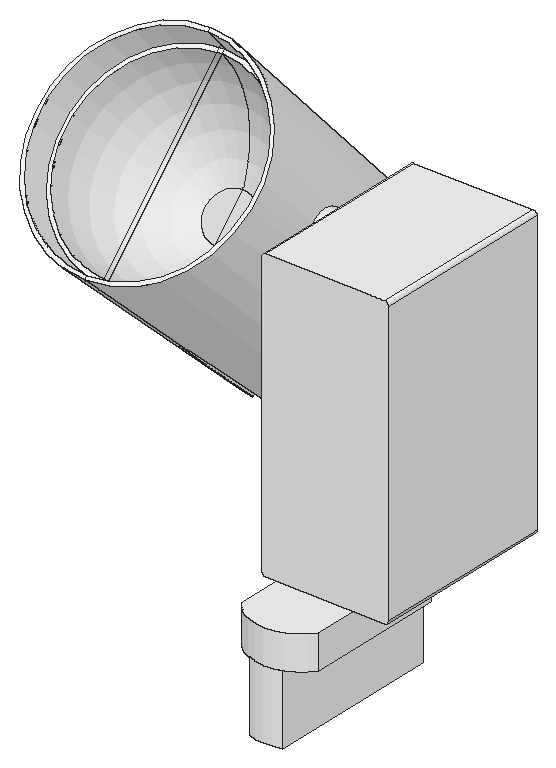
Revit family "0004826 Feilo Sylvania Lighting Fixture START TRACK SPOT S 24W 4K RA80 NB WHITE", category Lighting Fixtures, host Face, Revit 2017
Family settings
  Host = Face
  Round Connector Dimension = Use Diameter
  Part Type = Normal
  OmniClass Number = 23.80.70.00
  OmniClass Title = Lighting
  Cut with Voids When Loaded = No
  Light Source = No
  Shared = No
  Room Calculation Point = No
Parameters (values of type "0004826 START TRACK SPOT S 24W 4K RA80 NB WHITE")
  Weight = "0.966 kg"
  Wattage Comments = ""
  WarrantyStartDate [instance] = "n/a"
  WarrantyGuarantorParts = "n/a"
  WarrantyDurationUnit = "n/a"
  WarrantyDurationParts = "n/a"
  WarrantyDescription = "n/a"
  Voltage = 230 V
  URL = "http://www.sylvania-lighting.com"
  TypeName = "START TRACK SPOT S 24W 4K RA80 NB WHITE"
  TypeHead_FEILO = Start Track Spot Head : 0004826 START TRACK SPOT S 24W 4K RA80 NB WHITE
  TypeBox_FEILO = Start Track Spot Box : Type Small White
  Type Image = <None>
  Type Comments = "n/a"
  VerticalRotation_FEILO [instance] = 0.00°
  SlideEndAngle_FEILO [instance] = VerticalRotation_FEILO + 180.00°  # 180.00°
  SerialNumber [instance] = "n/a"
  Material_3_FEILO = none
  PowerFactor = 0.95
  PowerConsumption = "24 W"
  NominalLength = 0 mm
  NominalHeight = 200 mm
  NominalDepth = 140 mm
  Name = "START TRACK SPOT S 24W 4K RA80 NB WHITE"
  ModelReference = Name  # "START TRACK SPOT S 24W 4K RA80 NB WHITE"
  ModelNumber = "0004826"
  Model = Name  # "START TRACK SPOT S 24W 4K RA80 NB WHITE"
  Material = "adc12 aluminium housing, polycarbonate diffuser"
  ManufacturerName = "Feilo Sylvania"
  Manufacturer = "Feilo Sylvania"
  LuminousEfficacy = "105 lm/W"
  LuminaireType = ""
  LightOutputRatio = "100"
  LampsType = Lamp  # "LED"
  LampNominalLuminous = "2529 lm"
  LampMacAdamStep = "3"
  LampColourTemperature = "4000 K"
  LampColourRenderingIndex = "80"
  Lamp = "LED"
  Keynote = "16500"
  InstallationDate [instance] = "n/a"
  InputVoltage = "230-240V~"
  InputNominalFrequency = "50/60 Hz"
  IngressProtection = "IP20"
  ImpactProtectionIndex = "IK02"
  IfcExportType = "IfcLightFixtureType"
  IfcExportAs = "IfcLightFixtureType"
  HorizontalRotation_FEILO [instance] = 45.00°
  ExpectedLife = 50000
  ElectricShockClassification = "Class II"
  DurationUnit = "hours"
  DocumentationLiterature = "http://www.sylvania-lighting.com/product/en-int/products/0004826"
  DimmingControlOptions = "Non dimmable"
  Material_2_FEILO = none
  Description = "Integrated LED spotlight, Textured White - RAL9016, compact and minimalist design, ideal for retail applications, die-cast aluminium body, passive cooling heatsink. Beam angle: 12°, color temperature: 4000K , total system power: 24W, total fixture output: 2529 lm, LOR: 100%, colour rendering: Ra: 80 typical, LED Chromaticity: 3 step MacAdam ellipse, lifetime: >50000 hours at L70B50, energy class: A++, A+, A, IR/UV free light source without heat radiation, operating voltage: 220-240V / 50-60Hz, drive current: 600mA, electronic driver, non-dimmable, power factor: 0.95, electrical protection: Class II, Global Track 3 Phase adapter suitable for Global trac 3-circuit tracks, ingress protection rating: IP20, suitable for internal environment only, horizontal rotation: 355°, vertical tilt: 90°, dimensions: Ø86x140x200, weight: 0.966kg."
  Default Elevation = 1219.2 mm
  CreatedOn = "12/12/2017"
  CreatedBy = ""
  Cost = 0
  built-in parameter 1114216 [instance] = (empty or 0)
  ClassificationValue = "EF_70_80"
  ClassificationName = "Uniclass2015"
  Material_1_FEILO = Body-Sylvania-StartTrackSpot-White
  BarCode [instance] = "n/a"
  AssetType = "Fixed"
  AssetIdentifier [instance] = "n/a"
  Assembly Code = "D5020200"
  Apparent Load = 24 VA
  Material_4_FEILO = none
Reference planes
  plane 1 "Center (Front/Back)": y = 0
  plane 2: z = 0
  plane 3 "Center (Left/Right)": x = 0
  plane 4: x = 15
  plane 5: x = -15
  plane 6: y = 35
  plane 7: y = -35
  plane 8: z = 13
  plane 9: z = -27
  plane 10: x = 6.5
  plane 11: x = -6.5
  plane 12: y = 27
  plane 13: y = -27
  plane 14: y = 20
Forms (mm)
  Extrusion 1, solid, material "Body-Sylvania-StartTrackSpot-White" <- "Material_1_FEILO"
    sketch origin (0, 0, 0) x (1, 0, 0) y (0, 1, 0)
      loop
        line (-15, 27) -> (-15, -27)
        arc (-15, -27) -> (0, -35) -> (15, -27) r 18.062
        line (15, -27) -> (15, 27)
        arc (15, 27) -> (0, 35) -> (-15, 27) r 18.062
    from 0 to 13
  Extrusion 2, solid, material "Body-Sylvania-StartTrackSpot-White" <- "Material_1_FEILO"
    sketch origin (0, 0, 0) x (1, 0, 0) y (0, 1, 0)
      loop
        arc (6.5, 33.79) -> (0, 35) -> (-6.5, 33.79) r 18.062
        line (-6.5, 33.79) -> (-6.5, -33.79)
        arc (-6.5, -33.79) -> (0, -35) -> (6.5, -33.79) r 18.062
        line (6.5, -33.79) -> (6.5, 33.79)
    from 0 to -27
  Revolve 3, solid, not visible
    sketch origin (1524, 20, 1219.2) x (1, 0, 0) y (0, 0, 1)
      loop
        line (-1524, -1206.2) -> (-1524, -1191.285) -> (-1530.5, -1191.285) -> (-1530.5, -1206.2) -> (-1524, -1206.2)
      axis (-1524, -1191.285) -> (-1524, -1206.2)
    angle from 0 <- "VerticalRotation_FEILO" to 180 <- "SlideEndAngle_FEILO"
Cuts and joins
  joined: Extrusion 1, Extrusion 2
Dimensions and locks
  equal spacing: plane 10, plane 3 "Center (Left/Right)", plane 11
  equal spacing: plane 4, plane 3 "Center (Left/Right)", plane 5
  locked: plane 8 to plane 2 at 13
  locked: plane 8 to plane 9 at 40
  equal spacing: plane 13, plane 1 "Center (Front/Back)", plane 12
  locked: plane 12 to plane 6 at 8
  locked: plane 14 to plane 6 at 15
  locked: Revolve 3 sketch curve to plane 8 at 14.915
  aligned and locked: plane 2 to host face
  aligned and locked: level to host face
  aligned and locked: plane 5 to Extrusion 1 sketch curve  (x2)
  aligned and locked: plane 12 to Extrusion 1 sketch curve
  aligned and locked: plane 13 to Extrusion 1 sketch curve
  aligned and locked: plane 4 to Extrusion 1 sketch curve
  aligned and locked: Extrusion 1 to plane 8
  aligned and locked: Extrusion 1 to level
  aligned and locked: Extrusion 2 sketch curve to Extrusion 1  (x2)
  aligned and locked: Extrusion 2 sketch curve to plane 11
  aligned and locked: plane 10 to Extrusion 2 sketch curve
  aligned and locked: plane 9 to Extrusion 2
  aligned and locked: level to Extrusion 2
  aligned and locked: Revolve 3 sketch curve to plane 3 "Center (Left/Right)"  (x2)
  aligned and locked: plane 11 to Revolve 3 sketch curve
  aligned and locked: Revolve 3 sketch curve to plane 8
Automatic sketch dimensions
  host sketch curve to host sketch curve = 2438.4 mm  (x2)
  Extrusion 1 sketch curve to plane 3 "Center (Left/Right)" = 0 mm  (x2)
  Extrusion 1 sketch curve to plane 13 = 10.062 mm
  plane 12 to Extrusion 1 sketch curve = 10.062 mm
  Revolve 3 sketch curve to plane 3 "Center (Left/Right)" = 0 mm
  plane 9 to Revolve 3 sketch curve = 582.6 mm
  Revolve 3 sketch curve to Revolve 3 sketch curve = 2581.144 mm
Nested families
  nested 1: "Start Track Spot Head" at (-62, 20, 112.529) x (0, 0.7071, 0.7071) z (0, 0.7071, -0.7071), type <- "TypeHead_FEILO", type "0004826 START TRACK SPOT S 24W 4K RA80 NB WHITE"
    with built-in parameter 1114216 (empty or 0)
  nested 2: "Start Track Spot Box" at (8.5, 20, 73) x (-1, 0, 0) z (0, -1, 0), BoxStartAngle_FEILO <- "HorizontalRotation_FEILO", type <- "TypeBox_FEILO", type "Type Small White"
    with BoxStartAngle_FEILO 45.00°, BoxEndAngle_FEILO -135.00°
Connectors
  electrical at (0, 0, 0), driven by "Apparent Load", driven by "PowerFactor", driven by "Voltage"
    settings: index 1, voltage 230 V, apparent load 24 VA, apparent load phase1 0 VA, apparent load phase2 0 VA, apparent load phase3 0 VA, power factor 0.95, load classification "Lighting", number of poles 1, system type 30, power factor state 1, is connector primary yes, connector utility no, sub classification motor no, connector description ""
Definition of nested family "Start Track Spot Head"
  Parameters (values of type "0004811 START TRACK SPOT S 14W 3K RA80 NB WHITE")
    Wattage Comments = "n/a"
    Wattage = 14 W
    built-in parameter 1150110 = 1 (stored number, unit not read)
    URL = "http://www.feilosylvania.com"
    Type Image = (empty or 0)
    Type Comments = "n/a"
    built-in parameter 1114217 = 1 (stored number, unit not read)
    Tilt Angle = -90.00°
    built-in parameter 1150109 = 1 (stored number, unit not read)
    built-in parameter 1150134 = (empty or 0)
    built-in parameter 1150113 = 1 (stored number, unit not read)
    Photometric Web File = "0004811.ies"
    Material_3_FEILO = none
    Model = "START TRACK SPOT S 14W 3K RA80 NB WHITE"
    Manufacturer = "Feilo Sylvania"
    built-in parameter 1150105 = 123.66 (stored number, unit not read)
    Lumens = 1554 lm
    built-in parameter 1150115 = 1 (stored number, unit not read)
    built-in parameter 1150137 = (empty or 0)
    built-in parameter 1150139 = (empty or 0)
    built-in parameter 1150112 = 1 (stored number, unit not read)
    built-in parameter 1150114 = 1 (stored number, unit not read)
    Lamp = "LED"
    Keynote = "16500"
    Material_2_FEILO = none
    built-in parameter 1150132 = (empty or 0)
    built-in parameter 1150102 = (empty or 0)
    built-in parameter 1150107 = 3000 (stored number, unit not read)
    built-in parameter 1150138 = (empty or 0)
    built-in parameter 1150106 = 1.2366 (stored number, unit not read)
    HeadThickness_FEILO = if(HeadDiaOut_FEILO > 112 mm, 2 mm, 1.5 mm)  # 1.5 mm
    HeadRibOffset_FEILO = HeadHeight_FEILO / 28  # 4.179 mm
    HeadRibDepth_FEILO = HeadHeight_FEILO / 2.1  # 55.714 mm
    HeadRibCutWidth_FEILO = HeadDiaOut_FEILO / 12  # 7.167 mm
    HeadRibCutOffset_FEILO = HeadHeight_FEILO / 2.3  # 50.87 mm
    HeadReflectorRadius_FEILO = HeadDiaOut_FEILO / 1.7  # 50.588 mm
    HeadReflectorOffset_FEILO = HeadHeight_FEILO / 2.1  # 55.714 mm
    HeadLEDRadius_FEILO = HeadDiaOut_FEILO / 9  # 9.556 mm
    HeadHeight_FEILO = 117 mm
    HeadDraft_FEILO = 1 mm
    HeadDiffusorThickness_FEILO = 3 mm
    HeadDiffusorOffset_FEILO = HeadHeight_FEILO / 12.4  # 9.435 mm
    HeadDiaOut_FEILO = 86 mm
    HeadDiaIn_FEILO = HeadDiaOut_FEILO / 1.11  # 77.477 mm
    HeadAxisFromTop_FEILO = HeadHeight_FEILO / 1.687  # 69.354 mm
    Emit from Circle Diameter = HeadDiaIn_FEILO  # 77.477 mm
    Emit Shape Visible in Rendering = no
    built-in parameter 1150104 = 10.312 (stored number, unit not read)
    Dimming Lamp Color Temperature Shift = (empty or 0)
    Description = "Integrated LED spotlight, Textured White - RAL9016, compact and minimalist design, ideal for retail applications, die-cast aluminium body, passive cooling heatsink. Beam angle: 12°, color temperature: 3000K , total system power: 14W, total fixture output: 1551 lm, LOR: 100%, colour rendering: Ra: 80 typical, LED Chromaticity: 3 step MacAdam ellipse, lifetime: >50000 hours at L70B50, energy class: A++, A+, A, IR/UV free light source without heat radiation, operating voltage: 220-240V / 50-60Hz, drive current: 350mA, electronic driver, non-dimmable, power factor: 0.92, electrical protection: Class II, Global Track 3 Phase adapter suitable for Global trac 3-circuit tracks, ingress protection rating: IP20, suitable for internal environment only, horizontal rotation: 355°, vertical tilt: 90°, dimensions: Ø86x140x200, weight: 0.940kg."
    Default Elevation = 1219.2 mm
    Cost = 0
    Color Filter = 16777215
    built-in parameter 1114216 [instance] = (empty or 0)
    Material_1_FEILO = none
    built-in parameter 1114218 = 1 (stored number, unit not read)
    built-in parameter 1150133 = 10 (stored number, unit not read)
    Assembly Code = "D5020200"
    Apparent Load = 14 VA
    Material_4_FEILO = none
  Types (96, lengths in mm): name | Wattage | built-in parameter 1150134 | Photometric Web File | Model | built-in parameter 1150105 | Lumens | built-in parameter 1150107 | built-in parameter 1150106 | HeadThickness_FEILO | HeadRibOffset_FEILO | HeadRibDepth_FEILO | HeadRibCutWidth_FEILO | HeadRibCutOffset_FEILO | HeadReflectorRadius_FEILO | HeadReflectorOffset_FEILO | HeadLEDRadius_FEILO | HeadHeight_FEILO | HeadDiffusorOffset_FEILO | HeadDiaOut_FEILO | HeadDiaIn_FEILO | HeadAxisFromTop_FEILO | Emit from Circle Diameter | built-in parameter 1150104 | Description | Apparent Load
    0004906 START TRACK SPOT L 55W 4K RA90 WB BLACK | 55 W | 12 | "0004906.ies" | "START TRACK SPOT L 55W 4K RA90 WB BLACK" | 385.15 (stored number, unit not read) | 4840 lm | 4000 (stored number, unit not read) | 3.8515 (stored number, unit not read) | 2 | 4.429 | 59.048 | 9.417 | 53.913 | 66.471 | 59.048 | 12.556 | 124 | 10 | 113 | 101.802 | 73.503 | 101.802 | 8.1755 (stored number, unit not read) | "Integrated LED spotlight, Textured Black - RAL9005, compact and minimalist design, ideal for retail applications, die-cast aluminium body, passive cooling heatsink. Beam angle: 52°, color temperature: 4000K , total system power: 55W, total fixture output: 4824 lm, LOR: 100%, colour rendering: Ra: 90 typical, LED Chromaticity: 3 step MacAdam ellipse, lifetime: >50000 hours at L70B50, energy class: A++, A+, A, IR/UV free light source without heat radiation, operating voltage: 220-240V / 50-60Hz, drive current: 1400mA, electronic driver, non-dimmable, power factor: 0.96, electrical protection: Class II, Global Track 3 Phase adapter suitable for Global trac 3-circuit tracks, ingress protection rating: IP20, suitable for internal environment only, horizontal rotation: 355°, vertical tilt: 90°, dimensions: Ø113x164x240, weight: 1.398kg." | 55 VA
    0004905 START TRACK SPOT L 55W 4K RA90 MB BLACK | 55 W | 12 | "0004905.ies" | "START TRACK SPOT L 55W 4K RA90 MB BLACK" | 389.53 (stored number, unit not read) | 4895 lm | 4000 (stored number, unit not read) | 3.8953 (stored number, unit not read) | 2 | 4.429 | 59.048 | 9.417 | 53.913 | 66.471 | 59.048 | 12.556 | 124 | 10 | 113 | 101.802 | 73.503 | 101.802 | 8.2684 (stored number, unit not read) | "Integrated LED spotlight, Textured Black - RAL9005, compact and minimalist design, ideal for retail applications, die-cast aluminium body, passive cooling heatsink. Beam angle: 38°, color temperature: 4000K , total system power: 55W, total fixture output: 4897 lm, LOR: 100%, colour rendering: Ra: 90 typical, LED Chromaticity: 3 step MacAdam ellipse, lifetime: >50000 hours at L70B50, energy class: A++, A+, A, IR/UV free light source without heat radiation, operating voltage: 220-240V / 50-60Hz, drive current: 1400mA, electronic driver, non-dimmable, power factor: 0.96, electrical protection: Class II, Global Track 3 Phase adapter suitable for Global trac 3-circuit tracks, ingress protection rating: IP20, suitable for internal environment only, horizontal rotation: 355°, vertical tilt: 90°, dimensions: Ø113x164x240, weight: 1.398kg." | 55 VA
    0004904 START TRACK SPOT L 55W 4K RA90 NB BLACK | 55 W | 12 | "0004904.ies" | "START TRACK SPOT L 55W 4K RA90 NB BLACK" | 393.91 (stored number, unit not read) | 4950 lm | 4000 (stored number, unit not read) | 3.9391 (stored number, unit not read) | 2 | 4.429 | 59.048 | 9.417 | 53.913 | 66.471 | 59.048 | 12.556 | 124 | 10 | 113 | 101.802 | 73.503 | 101.802 | 8.3613 (stored number, unit not read) | "Integrated LED spotlight, Textured Black - RAL9005, compact and minimalist design, ideal for retail applications, die-cast aluminium body, passive cooling heatsink. Beam angle: 15°, color temperature: 4000K , total system power: 55W, total fixture output: 4965 lm, LOR: 100%, colour rendering: Ra: 90 typical, LED Chromaticity: 3 step MacAdam ellipse, lifetime: >50000 hours at L70B50, energy class: A++, A+, A, IR/UV free light source without heat radiation, operating voltage: 220-240V / 50-60Hz, drive current: 1400mA, electronic driver, non-dimmable, power factor: 0.96, electrical protection: Class II, Global Track 3 Phase adapter suitable for Global trac 3-circuit tracks, ingress protection rating: IP20, suitable for internal environment only, horizontal rotation: 355°, vertical tilt: 90°, dimensions: Ø113x164x240, weight: 1.398kg." | 55 VA
    0004903 START TRACK SPOT L 35W 4K RA90 WB BLACK | 35 W | 12 | "0004903.ies" | "START TRACK SPOT L 35W 4K RA90 WB BLACK" | 284.09 (stored number, unit not read) | 3570 lm | 4000 (stored number, unit not read) | 2.8409 (stored number, unit not read) | 2 | 4.429 | 59.048 | 9.417 | 53.913 | 66.471 | 59.048 | 12.556 | 124 | 10 | 113 | 101.802 | 73.503 | 101.802 | 9.4761 (stored number, unit not read) | "Integrated LED spotlight, Textured Black - RAL9005, compact and minimalist design, ideal for retail applications, die-cast aluminium body, passive cooling heatsink. Beam angle: 52°, color temperature: 4000K , total system power: 35W, total fixture output: 3562 lm, LOR: 100%, colour rendering: Ra: 90 typical, LED Chromaticity: 3 step MacAdam ellipse, lifetime: >50000 hours at L70B50, energy class: A++, A+, A, IR/UV free light source without heat radiation, operating voltage: 220-240V / 50-60Hz, drive current: 900mA, electronic driver, non-dimmable, power factor: 0.93, electrical protection: Class II, Global Track 3 Phase adapter suitable for Global trac 3-circuit tracks, ingress protection rating: IP20, suitable for internal environment only, horizontal rotation: 355°, vertical tilt: 90°, dimensions: Ø113x164x240, weight: 1.368kg." | 35 VA
    0004902 START TRACK SPOT L 35W 4K RA90 MB BLACK | 35 W | 12 | "0004902.ies" | "START TRACK SPOT L 35W 4K RA90 MB BLACK" | 286.88 (stored number, unit not read) | 3605 lm | 4000 (stored number, unit not read) | 2.8688 (stored number, unit not read) | 2 | 4.429 | 59.048 | 9.417 | 53.913 | 66.471 | 59.048 | 12.556 | 124 | 10 | 113 | 101.802 | 73.503 | 101.802 | 9.569 (stored number, unit not read) | "Integrated LED spotlight, Textured Black - RAL9005, compact and minimalist design, ideal for retail applications, die-cast aluminium body, passive cooling heatsink. Beam angle: 38°, color temperature: 4000K , total system power: 35W, total fixture output: 3616 lm, LOR: 100%, colour rendering: Ra: 90 typical, LED Chromaticity: 3 step MacAdam ellipse, lifetime: >50000 hours at L70B50, energy class: A++, A+, A, IR/UV free light source without heat radiation, operating voltage: 220-240V / 50-60Hz, drive current: 900mA, electronic driver, non-dimmable, power factor: 0.93, electrical protection: Class II, Global Track 3 Phase adapter suitable for Global trac 3-circuit tracks, ingress protection rating: IP20, suitable for internal environment only, horizontal rotation: 355°, vertical tilt: 90°, dimensions: Ø113x164x240, weight: 1.368kg." | 35 VA
    0004901 START TRACK SPOT L 35W 4K RA90 NB BLACK | 35 W | 12 | "0004901.ies" | "START TRACK SPOT L 35W 4K RA90 NB BLACK" | 286.88 (stored number, unit not read) | 3605 lm | 4000 (stored number, unit not read) | 2.8688 (stored number, unit not read) | 2 | 4.429 | 59.048 | 9.417 | 53.913 | 66.471 | 59.048 | 12.556 | 124 | 10 | 113 | 101.802 | 73.503 | 101.802 | 9.569 (stored number, unit not read) | "Integrated LED spotlight, Textured Black - RAL9005, compact and minimalist design, ideal for retail applications, die-cast aluminium body, passive cooling heatsink. Beam angle: 15°, color temperature: 4000K , total system power: 35W, total fixture output: 3593 lm, LOR: 100%, colour rendering: Ra: 90 typical, LED Chromaticity: 3 step MacAdam ellipse, lifetime: >50000 hours at L70B50, energy class: A++, A+, A, IR/UV free light source without heat radiation, operating voltage: 220-240V / 50-60Hz, drive current: 900mA, electronic driver, non-dimmable, power factor: 0.93, electrical protection: Class II, Global Track 3 Phase adapter suitable for Global trac 3-circuit tracks, ingress protection rating: IP20, suitable for internal environment only, horizontal rotation: 355°, vertical tilt: 90°, dimensions: Ø113x164x240, weight: 1.368kg." | 35 VA
    0004900 START TRACK SPOT S 24W 4K RA90 WB BLACK | 24 W | 12 | "0004900.ies" | "START TRACK SPOT S 24W 4K RA90 WB BLACK" | 166.16 (stored number, unit not read) | 2088 lm | 4000 (stored number, unit not read) | 1.6616 (stored number, unit not read) | 1.5 | 4.179 | 55.714 | 7.167 | 50.87 | 50.588 | 55.714 | 9.556 | 117 | 9.435 | 86 | 77.477 | 69.354 | 77.477 | 8.0826 (stored number, unit not read) | "Integrated LED spotlight, Textured Black - RAL9005, compact and minimalist design, ideal for retail applications, die-cast aluminium body, passive cooling heatsink. Beam angle: 64°, color temperature: 4000K , total system power: 24W, total fixture output: 2087 lm, LOR: 100%, colour rendering: Ra: 90 typical, LED Chromaticity: 3 step MacAdam ellipse, lifetime: >50000 hours at L70B50, energy class: A++, A+, A, IR/UV free light source without heat radiation, operating voltage: 220-240V / 50-60Hz, drive current: 600mA, electronic driver, non-dimmable, power factor: 0.95, electrical protection: Class II, Global Track 3 Phase adapter suitable for Global trac 3-circuit tracks, ingress protection rating: IP20, suitable for internal environment only, horizontal rotation: 355°, vertical tilt: 90°, dimensions: Ø86x140x200, weight: 0.966kg." | 24 VA
    0004899 START TRACK SPOT S 24W 4K RA90 MB BLACK | 24 W | 12 | "0004899.ies" | "START TRACK SPOT S 24W 4K RA90 MB BLACK" | 169.98 (stored number, unit not read) | 2136 lm | 4000 (stored number, unit not read) | 1.6998 (stored number, unit not read) | 1.5 | 4.179 | 55.714 | 7.167 | 50.87 | 50.588 | 55.714 | 9.556 | 117 | 9.435 | 86 | 77.477 | 69.354 | 77.477 | 8.2684 (stored number, unit not read) | "Integrated LED spotlight, Textured Black - RAL9005, compact and minimalist design, ideal for retail applications, die-cast aluminium body, passive cooling heatsink. Beam angle: 36°, color temperature: 4000K , total system power: 24W, total fixture output: 2141 lm, LOR: 100%, colour rendering: Ra: 90 typical, LED Chromaticity: 3 step MacAdam ellipse, lifetime: >50000 hours at L70B50, energy class: A++, A+, A, IR/UV free light source without heat radiation, operating voltage: 220-240V / 50-60Hz, drive current: 600mA, electronic driver, non-dimmable, power factor: 0.95, electrical protection: Class II, Global Track 3 Phase adapter suitable for Global trac 3-circuit tracks, ingress protection rating: IP20, suitable for internal environment only, horizontal rotation: 355°, vertical tilt: 90°, dimensions: Ø86x140x200, weight: 0.966kg." | 24 VA
    0004898 START TRACK SPOT S 24W 4K RA90 NB BLACK | 24 W | 12 | "0004898.ies" | "START TRACK SPOT S 24W 4K RA90 NB BLACK" | 171.89 (stored number, unit not read) | 2160 lm | 4000 (stored number, unit not read) | 1.7189 (stored number, unit not read) | 1.5 | 4.179 | 55.714 | 7.167 | 50.87 | 50.588 | 55.714 | 9.556 | 117 | 9.435 | 86 | 77.477 | 69.354 | 77.477 | 8.3613 (stored number, unit not read) | "Integrated LED spotlight, Textured Black - RAL9005, compact and minimalist design, ideal for retail applications, die-cast aluminium body, passive cooling heatsink. Beam angle: 12°, color temperature: 4000K , total system power: 24W, total fixture output: 2155 lm, LOR: 100%, colour rendering: Ra: 90 typical, LED Chromaticity: 3 step MacAdam ellipse, lifetime: >50000 hours at L70B50, energy class: A++, A+, A, IR/UV free light source without heat radiation, operating voltage: 220-240V / 50-60Hz, drive current: 600mA, electronic driver, non-dimmable, power factor: 0.95, electrical protection: Class II, Global Track 3 Phase adapter suitable for Global trac 3-circuit tracks, ingress protection rating: IP20, suitable for internal environment only, horizontal rotation: 355°, vertical tilt: 90°, dimensions: Ø86x140x200, weight: 0.966kg." | 24 VA
    0004897 START TRACK SPOT S 14W 4K RA90 WB BLACK | 14 W | 12 | "0004897.ies" | "START TRACK SPOT S 14W 4K RA90 WB BLACK" | 108.07 (stored number, unit not read) | 1358 lm | 4000 (stored number, unit not read) | 1.0807 (stored number, unit not read) | 1.5 | 4.179 | 55.714 | 7.167 | 50.87 | 50.588 | 55.714 | 9.556 | 117 | 9.435 | 86 | 77.477 | 69.354 | 77.477 | 9.0116 (stored number, unit not read) | "Integrated LED spotlight, Textured Black - RAL9005, compact and minimalist design, ideal for retail applications, die-cast aluminium body, passive cooling heatsink. Beam angle: 64°, color temperature: 4000K , total system power: 14W, total fixture output: 1352 lm, LOR: 100%, colour rendering: Ra: 90 typical, LED Chromaticity: 3 step MacAdam ellipse, lifetime: >50000 hours at L70B50, energy class: A++, A+, A, IR/UV free light source without heat radiation, operating voltage: 220-240V / 50-60Hz, drive current: 350mA, electronic driver, non-dimmable, power factor: 0.92, electrical protection: Class II, Global Track 3 Phase adapter suitable for Global trac 3-circuit tracks, ingress protection rating: IP20, suitable for internal environment only, horizontal rotation: 355°, vertical tilt: 90°, dimensions: Ø86x140x200, weight: 0.940kg." | 14 VA
    0004896 START TRACK SPOT S 14W 4K RA90 MB BLACK | 14 W | 12 | "0004896.ies" | "START TRACK SPOT S 14W 4K RA90 MB BLACK" | 108.07 (stored number, unit not read) | 1358 lm | 4000 (stored number, unit not read) | 1.0807 (stored number, unit not read) | 1.5 | 4.179 | 55.714 | 7.167 | 50.87 | 50.588 | 55.714 | 9.556 | 117 | 9.435 | 86 | 77.477 | 69.354 | 77.477 | 9.0116 (stored number, unit not read) | "Integrated LED spotlight, Textured Black - RAL9005, compact and minimalist design, ideal for retail applications, die-cast aluminium body, passive cooling heatsink. Beam angle: 36°, color temperature: 4000K , total system power: 14W, total fixture output: 1359 lm, LOR: 100%, colour rendering: Ra: 90 typical, LED Chromaticity: 3 step MacAdam ellipse, lifetime: >50000 hours at L70B50, energy class: A++, A+, A, IR/UV free light source without heat radiation, operating voltage: 220-240V / 50-60Hz, drive current: 350mA, electronic driver, non-dimmable, power factor: 0.92, electrical protection: Class II, Global Track 3 Phase adapter suitable for Global trac 3-circuit tracks, ingress protection rating: IP20, suitable for internal environment only, horizontal rotation: 355°, vertical tilt: 90°, dimensions: Ø86x140x200, weight: 0.940kg." | 14 VA
    0004895 START TRACK SPOT S 14W 4K RA90 NB BLACK | 14 W | 12 | "0004895.ies" | "START TRACK SPOT S 14W 4K RA90 NB BLACK" | 106.95 (stored number, unit not read) | 1344 lm | 4000 (stored number, unit not read) | 1.0695 (stored number, unit not read) | 1.5 | 4.179 | 55.714 | 7.167 | 50.87 | 50.588 | 55.714 | 9.556 | 117 | 9.435 | 86 | 77.477 | 69.354 | 77.477 | 8.9187 (stored number, unit not read) | "Integrated LED spotlight, Textured Black - RAL9005, compact and minimalist design, ideal for retail applications, die-cast aluminium body, passive cooling heatsink. Beam angle: 12°, color temperature: 4000K , total system power: 14W, total fixture output: 1349 lm, LOR: 100%, colour rendering: Ra: 90 typical, LED Chromaticity: 3 step MacAdam ellipse, lifetime: >50000 hours at L70B50, energy class: A++, A+, A, IR/UV free light source without heat radiation, operating voltage: 220-240V / 50-60Hz, drive current: 350mA, electronic driver, non-dimmable, power factor: 0.92, electrical protection: Class II, Global Track 3 Phase adapter suitable for Global trac 3-circuit tracks, ingress protection rating: IP20, suitable for internal environment only, horizontal rotation: 355°, vertical tilt: 90°, dimensions: Ø86x140x200, weight: 0.940kg." | 14 VA
    0004894 START TRACK SPOT L 55W 3K RA90 WB BLACK | 55 W | (empty or 0) | "0004894.ies" | "START TRACK SPOT L 55W 3K RA90 WB BLACK" | 350.14 (stored number, unit not read) | 4400 lm | 3000 (stored number, unit not read) | 3.5014 (stored number, unit not read) | 2 | 4.429 | 59.048 | 9.417 | 53.913 | 66.471 | 59.048 | 12.556 | 124 | 10 | 113 | 101.802 | 73.503 | 101.802 | 7.4322 (stored number, unit not read) | "Integrated LED spotlight, Textured Black - RAL9005, compact and minimalist design, ideal for retail applications, die-cast aluminium body, passive cooling heatsink. Beam angle: 52°, color temperature: 3000K , total system power: 55W, total fixture output: 4405 lm, LOR: 100%, colour rendering: Ra: 90 typical, LED Chromaticity: 3 step MacAdam ellipse, lifetime: >50000 hours at L70B50, energy class: A++, A+, A, IR/UV free light source without heat radiation, operating voltage: 220-240V / 50-60Hz, drive current: 1400mA, electronic driver, non-dimmable, power factor: 0.96, electrical protection: Class II, Global Track 3 Phase adapter suitable for Global trac 3-circuit tracks, ingress protection rating: IP20, suitable for internal environment only, horizontal rotation: 355°, vertical tilt: 90°, dimensions: Ø113x164x240, weight: 1.398kg." | 55 VA
    0004893 START TRACK SPOT L 55W 3K RA90 MB BLACK | 55 W | (empty or 0) | "0004893.ies" | "START TRACK SPOT L 55W 3K RA90 MB BLACK" | 354.52 (stored number, unit not read) | 4455 lm | 3000 (stored number, unit not read) | 3.5452 (stored number, unit not read) | 2 | 4.429 | 59.048 | 9.417 | 53.913 | 66.471 | 59.048 | 12.556 | 124 | 10 | 113 | 101.802 | 73.503 | 101.802 | 7.5251 (stored number, unit not read) | "Integrated LED spotlight, Textured Black - RAL9005, compact and minimalist design, ideal for retail applications, die-cast aluminium body, passive cooling heatsink. Beam angle: 38°, color temperature: 3000K , total system power: 55W, total fixture output: 4448 lm, LOR: 100%, colour rendering: Ra: 90 typical, LED Chromaticity: 3 step MacAdam ellipse, lifetime: >50000 hours at L70B50, energy class: A++, A+, A, IR/UV free light source without heat radiation, operating voltage: 220-240V / 50-60Hz, drive current: 1400mA, electronic driver, non-dimmable, power factor: 0.96, electrical protection: Class II, Global Track 3 Phase adapter suitable for Global trac 3-circuit tracks, ingress protection rating: IP20, suitable for internal environment only, horizontal rotation: 355°, vertical tilt: 90°, dimensions: Ø113x164x240, weight: 1.398kg." | 55 VA
    0004892 START TRACK SPOT L 55W 3K RA90 NB BLACK | 55 W | (empty or 0) | "0004892.ies" | "START TRACK SPOT L 55W 3K RA90 NB BLACK" | 350.14 (stored number, unit not read) | 4400 lm | 3000 (stored number, unit not read) | 3.5014 (stored number, unit not read) | 2 | 4.429 | 59.048 | 9.417 | 53.913 | 66.471 | 59.048 | 12.556 | 124 | 10 | 113 | 101.802 | 73.503 | 101.802 | 7.4322 (stored number, unit not read) | "Integrated LED spotlight, Textured Black - RAL9005, compact and minimalist design, ideal for retail applications, die-cast aluminium body, passive cooling heatsink. Beam angle: 15°, color temperature: 3000K , total system power: 55W, total fixture output: 4416 lm, LOR: 100%, colour rendering: Ra: 90 typical, LED Chromaticity: 3 step MacAdam ellipse, lifetime: >50000 hours at L70B50, energy class: A++, A+, A, IR/UV free light source without heat radiation, operating voltage: 220-240V / 50-60Hz, drive current: 1400mA, electronic driver, non-dimmable, power factor: 0.96, electrical protection: Class II, Global Track 3 Phase adapter suitable for Global trac 3-circuit tracks, ingress protection rating: IP20, suitable for internal environment only, horizontal rotation: 355°, vertical tilt: 90°, dimensions: Ø113x164x240, weight: 1.398kg." | 55 VA
    0004891 START TRACK SPOT L 35W 3K RA90 WB BLACK | 35 W | (empty or 0) | "0004891.ies" | "START TRACK SPOT L 35W 3K RA90 WB BLACK" | 259.02 (stored number, unit not read) | 3255 lm | 3000 (stored number, unit not read) | 2.5902 (stored number, unit not read) | 2 | 4.429 | 59.048 | 9.417 | 53.913 | 66.471 | 59.048 | 12.556 | 124 | 10 | 113 | 101.802 | 73.503 | 101.802 | 8.64 (stored number, unit not read) | "Integrated LED spotlight, Textured Black - RAL9005, compact and minimalist design, ideal for retail applications, die-cast aluminium body, passive cooling heatsink. Beam angle: 52°, color temperature: 3000K , total system power: 35W, total fixture output: 3260 lm, LOR: 100%, colour rendering: Ra: 90 typical, LED Chromaticity: 3 step MacAdam ellipse, lifetime: >50000 hours at L70B50, energy class: A++, A+, A, IR/UV free light source without heat radiation, operating voltage: 220-240V / 50-60Hz, drive current: 900mA, electronic driver, non-dimmable, power factor: 0.93, electrical protection: Class II, Global Track 3 Phase adapter suitable for Global trac 3-circuit tracks, ingress protection rating: IP20, suitable for internal environment only, horizontal rotation: 355°, vertical tilt: 90°, dimensions: Ø113x164x240, weight: 1.368kg." | 35 VA
    0004890 START TRACK SPOT L 35W 3K RA90 MB BLACK | 35 W | (empty or 0) | "0004890.ies" | "START TRACK SPOT L 35W 3K RA90 MB BLACK" | 261.81 (stored number, unit not read) | 3290 lm | 3000 (stored number, unit not read) | 2.6181 (stored number, unit not read) | 2 | 4.429 | 59.048 | 9.417 | 53.913 | 66.471 | 59.048 | 12.556 | 124 | 10 | 113 | 101.802 | 73.503 | 101.802 | 8.7329 (stored number, unit not read) | "Integrated LED spotlight, Textured Black - RAL9005, compact and minimalist design, ideal for retail applications, die-cast aluminium body, passive cooling heatsink. Beam angle: 38°, color temperature: 3000K , total system power: 35W, total fixture output: 3306 lm, LOR: 100%, colour rendering: Ra: 90 typical, LED Chromaticity: 3 step MacAdam ellipse, lifetime: >50000 hours at L70B50, energy class: A++, A+, A, IR/UV free light source without heat radiation, operating voltage: 220-240V / 50-60Hz, drive current: 900mA, electronic driver, non-dimmable, power factor: 0.93, electrical protection: Class II, Global Track 3 Phase adapter suitable for Global trac 3-circuit tracks, ingress protection rating: IP20, suitable for internal environment only, horizontal rotation: 355°, vertical tilt: 90°, dimensions: Ø113x164x240, weight: 1.368kg." | 35 VA
    0004889 START TRACK SPOT L 35W 3K RA90 NB BLACK | 35 W | (empty or 0) | "0004889.ies" | "START TRACK SPOT L 35W 3K RA90 NB BLACK" | 261.81 (stored number, unit not read) | 3290 lm | 3000 (stored number, unit not read) | 2.6181 (stored number, unit not read) | 2 | 4.429 | 59.048 | 9.417 | 53.913 | 66.471 | 59.048 | 12.556 | 124 | 10 | 113 | 101.802 | 73.503 | 101.802 | 8.7329 (stored number, unit not read) | "Integrated LED spotlight, Textured Black - RAL9005, compact and minimalist design, ideal for retail applications, die-cast aluminium body, passive cooling heatsink. Beam angle: 15°, color temperature: 3000K , total system power: 35W, total fixture output: 3287 lm, LOR: 100%, colour rendering: Ra: 90 typical, LED Chromaticity: 3 step MacAdam ellipse, lifetime: >50000 hours at L70B50, energy class: A++, A+, A, IR/UV free light source without heat radiation, operating voltage: 220-240V / 50-60Hz, drive current: 900mA, electronic driver, non-dimmable, power factor: 0.93, electrical protection: Class II, Global Track 3 Phase adapter suitable for Global trac 3-circuit tracks, ingress protection rating: IP20, suitable for internal environment only, horizontal rotation: 355°, vertical tilt: 90°, dimensions: Ø113x164x240, weight: 1.368kg." | 35 VA
    0004888 START TRACK SPOT S 24W 3K RA90 WB BLACK | 24 W | (empty or 0) | "0004888.ies" | "START TRACK SPOT S 24W 3K RA90 WB BLACK" | 152.79 (stored number, unit not read) | 1920 lm | 3000 (stored number, unit not read) | 1.5279 (stored number, unit not read) | 1.5 | 4.179 | 55.714 | 7.167 | 50.87 | 50.588 | 55.714 | 9.556 | 117 | 9.435 | 86 | 77.477 | 69.354 | 77.477 | 7.4322 (stored number, unit not read) | "Integrated LED spotlight, Textured Black - RAL9005, compact and minimalist design, ideal for retail applications, die-cast aluminium body, passive cooling heatsink. Beam angle: 64°, color temperature: 3000K , total system power: 24W, total fixture output: 1928 lm, LOR: 100%, colour rendering: Ra: 90 typical, LED Chromaticity: 3 step MacAdam ellipse, lifetime: >50000 hours at L70B50, energy class: A++, A+, A, IR/UV free light source without heat radiation, operating voltage: 220-240V / 50-60Hz, drive current: 600mA, electronic driver, non-dimmable, power factor: 0.95, electrical protection: Class II, Global Track 3 Phase adapter suitable for Global trac 3-circuit tracks, ingress protection rating: IP20, suitable for internal environment only, horizontal rotation: 355°, vertical tilt: 90°, dimensions: Ø86x140x200, weight: 0.966kg." | 24 VA
    0004887 START TRACK SPOT S 24W 3K RA90 MB BLACK | 24 W | (empty or 0) | "0004887.ies" | "START TRACK SPOT S 24W 3K RA90 MB BLACK" | 154.7 (stored number, unit not read) | 1944 lm | 3000 (stored number, unit not read) | 1.547 (stored number, unit not read) | 1.5 | 4.179 | 55.714 | 7.167 | 50.87 | 50.588 | 55.714 | 9.556 | 117 | 9.435 | 86 | 77.477 | 69.354 | 77.477 | 7.5251 (stored number, unit not read) | "Integrated LED spotlight, Textured Black - RAL9005, compact and minimalist design, ideal for retail applications, die-cast aluminium body, passive cooling heatsink. Beam angle: 36°, color temperature: 3000K , total system power: 24W, total fixture output: 1944 lm, LOR: 100%, colour rendering: Ra: 90 typical, LED Chromaticity: 3 step MacAdam ellipse, lifetime: >50000 hours at L70B50, energy class: A++, A+, A, IR/UV free light source without heat radiation, operating voltage: 220-240V / 50-60Hz, drive current: 600mA, electronic driver, non-dimmable, power factor: 0.95, electrical protection: Class II, Global Track 3 Phase adapter suitable for Global trac 3-circuit tracks, ingress protection rating: IP20, suitable for internal environment only, horizontal rotation: 355°, vertical tilt: 90°, dimensions: Ø86x140x200, weight: 0.966kg." | 24 VA
    0004886 START TRACK SPOT S 24W 3K RA90 NB BLACK | 24 W | (empty or 0) | "0004886.ies" | "START TRACK SPOT S 24W 3K RA90 NB BLACK" | 158.52 (stored number, unit not read) | 1992 lm | 3000 (stored number, unit not read) | 1.5852 (stored number, unit not read) | 1.5 | 4.179 | 55.714 | 7.167 | 50.87 | 50.588 | 55.714 | 9.556 | 117 | 9.435 | 86 | 77.477 | 69.354 | 77.477 | 7.711 (stored number, unit not read) | "Integrated LED spotlight, Textured Black - RAL9005, compact and minimalist design, ideal for retail applications, die-cast aluminium body, passive cooling heatsink. Beam angle: 12°, color temperature: 3000K , total system power: 24W, total fixture output: 1987 lm, LOR: 100%, colour rendering: Ra: 90 typical, LED Chromaticity: 3 step MacAdam ellipse, lifetime: >50000 hours at L70B50, energy class: A++, A+, A, IR/UV free light source without heat radiation, operating voltage: 220-240V / 50-60Hz, drive current: 600mA, electronic driver, non-dimmable, power factor: 0.95, electrical protection: Class II, Global Track 3 Phase adapter suitable for Global trac 3-circuit tracks, ingress protection rating: IP20, suitable for internal environment only, horizontal rotation: 355°, vertical tilt: 90°, dimensions: Ø86x140x200, weight: 0.966kg." | 24 VA
    0004885 START TRACK SPOT S 14W 3K RA90 WB BLACK | 14 W | (empty or 0) | "0004885.ies" | "START TRACK SPOT S 14W 3K RA90 WB BLACK" | 100.27 (stored number, unit not read) | 1260 lm | 3000 (stored number, unit not read) | 1.0027 (stored number, unit not read) | 1.5 | 4.179 | 55.714 | 7.167 | 50.87 | 50.588 | 55.714 | 9.556 | 117 | 9.435 | 86 | 77.477 | 69.354 | 77.477 | 8.3613 (stored number, unit not read) | "Integrated LED spotlight, Textured Black - RAL9005, compact and minimalist design, ideal for retail applications, die-cast aluminium body, passive cooling heatsink. Beam angle: 64°, color temperature: 3000K , total system power: 14W, total fixture output: 1262 lm, LOR: 100%, colour rendering: Ra: 90 typical, LED Chromaticity: 3 step MacAdam ellipse, lifetime: >50000 hours at L70B50, energy class: A++, A+, A, IR/UV free light source without heat radiation, operating voltage: 220-240V / 50-60Hz, drive current: 350mA, electronic driver, non-dimmable, power factor: 0.92, electrical protection: Class II, Global Track 3 Phase adapter suitable for Global trac 3-circuit tracks, ingress protection rating: IP20, suitable for internal environment only, horizontal rotation: 355°, vertical tilt: 90°, dimensions: Ø86x140x200, weight: 0.940kg." | 14 VA
    0004884 START TRACK SPOT S 14W 3K RA90 MB BLACK | 14 W | (empty or 0) | "0004884.ies" | "START TRACK SPOT S 14W 3K RA90 MB BLACK" | 100.27 (stored number, unit not read) | 1260 lm | 3000 (stored number, unit not read) | 1.0027 (stored number, unit not read) | 1.5 | 4.179 | 55.714 | 7.167 | 50.87 | 50.588 | 55.714 | 9.556 | 117 | 9.435 | 86 | 77.477 | 69.354 | 77.477 | 8.3613 (stored number, unit not read) | "Integrated LED spotlight, Textured Black - RAL9005, compact and minimalist design, ideal for retail applications, die-cast aluminium body, passive cooling heatsink. Beam angle: 36°, color temperature: 3000K , total system power: 14W, total fixture output: 1262 lm, LOR: 100%, colour rendering: Ra: 90 typical, LED Chromaticity: 3 step MacAdam ellipse, lifetime: >50000 hours at L70B50, energy class: A++, A+, A, IR/UV free light source without heat radiation, operating voltage: 220-240V / 50-60Hz, drive current: 350mA, electronic driver, non-dimmable, power factor: 0.92, electrical protection: Class II, Global Track 3 Phase adapter suitable for Global trac 3-circuit tracks, ingress protection rating: IP20, suitable for internal environment only, horizontal rotation: 355°, vertical tilt: 90°, dimensions: Ø86x140x200, weight: 0.940kg." | 14 VA
    0004883 START TRACK SPOT S 14W 3K RA90 NB BLACK | 14 W | (empty or 0) | "0004883.ies" | "START TRACK SPOT S 14W 3K RA90 NB BLACK" | 102.5 (stored number, unit not read) | 1288 lm | 3000 (stored number, unit not read) | 1.025 (stored number, unit not read) | 1.5 | 4.179 | 55.714 | 7.167 | 50.87 | 50.588 | 55.714 | 9.556 | 117 | 9.435 | 86 | 77.477 | 69.354 | 77.477 | 8.5471 (stored number, unit not read) | "Integrated LED spotlight, Textured Black - RAL9005, compact and minimalist design, ideal for retail applications, die-cast aluminium body, passive cooling heatsink. Beam angle: 12°, color temperature: 3000K , total system power: 14W, total fixture output: 1284 lm, LOR: 100%, colour rendering: Ra: 90 typical, LED Chromaticity: 3 step MacAdam ellipse, lifetime: >50000 hours at L70B50, energy class: A++, A+, A, IR/UV free light source without heat radiation, operating voltage: 220-240V / 50-60Hz, drive current: 350mA, electronic driver, non-dimmable, power factor: 0.92, electrical protection: Class II, Global Track 3 Phase adapter suitable for Global trac 3-circuit tracks, ingress protection rating: IP20, suitable for internal environment only, horizontal rotation: 355°, vertical tilt: 90°, dimensions: Ø86x140x200, weight: 0.940kg." | 14 VA
    0004882 START TRACK SPOT L 55W 4K RA90 WB WHITE | 55 W | 12 | "0004882.ies" | "START TRACK SPOT L 55W 4K RA90 WB WHITE" | 385.15 (stored number, unit not read) | 4840 lm | 4000 (stored number, unit not read) | 3.8515 (stored number, unit not read) | 2 | 4.429 | 59.048 | 9.417 | 53.913 | 66.471 | 59.048 | 12.556 | 124 | 10 | 113 | 101.802 | 73.503 | 101.802 | 8.1755 (stored number, unit not read) | "Integrated LED spotlight, Textured White - RAL9016, compact and minimalist design, ideal for retail applications, die-cast aluminium body, passive cooling heatsink. Beam angle: 52°, color temperature: 4000K , total system power: 55W, total fixture output: 4824 lm, LOR: 100%, colour rendering: Ra: 90 typical, LED Chromaticity: 3 step MacAdam ellipse, lifetime: >50000 hours at L70B50, energy class: A++, A+, A, IR/UV free light source without heat radiation, operating voltage: 220-240V / 50-60Hz, drive current: 1400mA, electronic driver, non-dimmable, power factor: 0.96, electrical protection: Class II, Global Track 3 Phase adapter suitable for Global trac 3-circuit tracks, ingress protection rating: IP20, suitable for internal environment only, horizontal rotation: 355°, vertical tilt: 90°, dimensions: Ø113x164x240, weight: 1.398kg." | 55 VA
    0004881 START TRACK SPOT L 55W 4K RA90 MB WHITE | 55 W | 12 | "0004881.ies" | "START TRACK SPOT L 55W 4K RA90 MB WHITE" | 389.53 (stored number, unit not read) | 4895 lm | 4000 (stored number, unit not read) | 3.8953 (stored number, unit not read) | 2 | 4.429 | 59.048 | 9.417 | 53.913 | 66.471 | 59.048 | 12.556 | 124 | 10 | 113 | 101.802 | 73.503 | 101.802 | 8.2684 (stored number, unit not read) | "Integrated LED spotlight, Textured White - RAL9016, compact and minimalist design, ideal for retail applications, die-cast aluminium body, passive cooling heatsink. Beam angle: 38°, color temperature: 4000K , total system power: 55W, total fixture output: 4897 lm, LOR: 100%, colour rendering: Ra: 90 typical, LED Chromaticity: 3 step MacAdam ellipse, lifetime: >50000 hours at L70B50, energy class: A++, A+, A, IR/UV free light source without heat radiation, operating voltage: 220-240V / 50-60Hz, drive current: 1400mA, electronic driver, non-dimmable, power factor: 0.96, electrical protection: Class II, Global Track 3 Phase adapter suitable for Global trac 3-circuit tracks, ingress protection rating: IP20, suitable for internal environment only, horizontal rotation: 355°, vertical tilt: 90°, dimensions: Ø113x164x240, weight: 1.398kg." | 55 VA
    0004880 START TRACK SPOT L 55W 4K RA90 NB WHITE | 55 W | 12 | "0004880.ies" | "START TRACK SPOT L 55W 4K RA90 NB WHITE" | 393.91 (stored number, unit not read) | 4950 lm | 4000 (stored number, unit not read) | 3.9391 (stored number, unit not read) | 2 | 4.429 | 59.048 | 9.417 | 53.913 | 66.471 | 59.048 | 12.556 | 124 | 10 | 113 | 101.802 | 73.503 | 101.802 | 8.3613 (stored number, unit not read) | "Integrated LED spotlight, Textured White - RAL9016, compact and minimalist design, ideal for retail applications, die-cast aluminium body, passive cooling heatsink. Beam angle: 15°, color temperature: 4000K , total system power: 55W, total fixture output: 4965 lm, LOR: 100%, colour rendering: Ra: 90 typical, LED Chromaticity: 3 step MacAdam ellipse, lifetime: >50000 hours at L70B50, energy class: A++, A+, A, IR/UV free light source without heat radiation, operating voltage: 220-240V / 50-60Hz, drive current: 1400mA, electronic driver, non-dimmable, power factor: 0.96, electrical protection: Class II, Global Track 3 Phase adapter suitable for Global trac 3-circuit tracks, ingress protection rating: IP20, suitable for internal environment only, horizontal rotation: 355°, vertical tilt: 90°, dimensions: Ø113x164x240, weight: 1.398kg." | 55 VA
    0004879 START TRACK SPOT L 35W 4K RA90 WB WHITE | 35 W | 12 | "0004879.ies" | "START TRACK SPOT L 35W 4K RA90 WB WHITE" | 284.09 (stored number, unit not read) | 3570 lm | 4000 (stored number, unit not read) | 2.8409 (stored number, unit not read) | 2 | 4.429 | 59.048 | 9.417 | 53.913 | 66.471 | 59.048 | 12.556 | 124 | 10 | 113 | 101.802 | 73.503 | 101.802 | 9.4761 (stored number, unit not read) | "Integrated LED spotlight, Textured White - RAL9016, compact and minimalist design, ideal for retail applications, die-cast aluminium body, passive cooling heatsink. Beam angle: 52°, color temperature: 4000K , total system power: 35W, total fixture output: 3562 lm, LOR: 100%, colour rendering: Ra: 90 typical, LED Chromaticity: 3 step MacAdam ellipse, lifetime: >50000 hours at L70B50, energy class: A++, A+, A, IR/UV free light source without heat radiation, operating voltage: 220-240V / 50-60Hz, drive current: 900mA, electronic driver, non-dimmable, power factor: 0.93, electrical protection: Class II, Global Track 3 Phase adapter suitable for Global trac 3-circuit tracks, ingress protection rating: IP20, suitable for internal environment only, horizontal rotation: 355°, vertical tilt: 90°, dimensions: Ø113x164x240, weight: 1.368kg." | 35 VA
    0004878 START TRACK SPOT L 35W 4K RA90 MB WHITE | 35 W | 12 | "0004878.ies" | "START TRACK SPOT L 35W 4K RA90 MB WHITE" | 286.88 (stored number, unit not read) | 3605 lm | 4000 (stored number, unit not read) | 2.8688 (stored number, unit not read) | 2 | 4.429 | 59.048 | 9.417 | 53.913 | 66.471 | 59.048 | 12.556 | 124 | 10 | 113 | 101.802 | 73.503 | 101.802 | 9.569 (stored number, unit not read) | "Integrated LED spotlight, Textured White - RAL9016, compact and minimalist design, ideal for retail applications, die-cast aluminium body, passive cooling heatsink. Beam angle: 38°, color temperature: 4000K , total system power: 35W, total fixture output: 3616 lm, LOR: 100%, colour rendering: Ra: 90 typical, LED Chromaticity: 3 step MacAdam ellipse, lifetime: >50000 hours at L70B50, energy class: A++, A+, A, IR/UV free light source without heat radiation, operating voltage: 220-240V / 50-60Hz, drive current: 900mA, electronic driver, non-dimmable, power factor: 0.93, electrical protection: Class II, Global Track 3 Phase adapter suitable for Global trac 3-circuit tracks, ingress protection rating: IP20, suitable for internal environment only, horizontal rotation: 355°, vertical tilt: 90°, dimensions: Ø113x164x240, weight: 1.368kg." | 35 VA
    0004877 START TRACK SPOT L 35W 4K RA90 NB WHITE | 35 W | 12 | "0004877.ies" | "START TRACK SPOT L 35W 4K RA90 NB WHITE" | 286.88 (stored number, unit not read) | 3605 lm | 4000 (stored number, unit not read) | 2.8688 (stored number, unit not read) | 2 | 4.429 | 59.048 | 9.417 | 53.913 | 66.471 | 59.048 | 12.556 | 124 | 10 | 113 | 101.802 | 73.503 | 101.802 | 9.569 (stored number, unit not read) | "Integrated LED spotlight, Textured White - RAL9016, compact and minimalist design, ideal for retail applications, die-cast aluminium body, passive cooling heatsink. Beam angle: 15°, color temperature: 4000K , total system power: 35W, total fixture output: 3593 lm, LOR: 100%, colour rendering: Ra: 90 typical, LED Chromaticity: 3 step MacAdam ellipse, lifetime: >50000 hours at L70B50, energy class: A++, A+, A, IR/UV free light source without heat radiation, operating voltage: 220-240V / 50-60Hz, drive current: 900mA, electronic driver, non-dimmable, power factor: 0.93, electrical protection: Class II, Global Track 3 Phase adapter suitable for Global trac 3-circuit tracks, ingress protection rating: IP20, suitable for internal environment only, horizontal rotation: 355°, vertical tilt: 90°, dimensions: Ø113x164x240, weight: 1.368kg." | 35 VA
    0004876 START TRACK SPOT S 24W 4K RA90 WB WHITE | 24 W | 12 | "0004876.ies" | "START TRACK SPOT S 24W 4K RA90 WB WHITE" | 166.16 (stored number, unit not read) | 2088 lm | 4000 (stored number, unit not read) | 1.6616 (stored number, unit not read) | 1.5 | 4.179 | 55.714 | 7.167 | 50.87 | 50.588 | 55.714 | 9.556 | 117 | 9.435 | 86 | 77.477 | 69.354 | 77.477 | 8.0826 (stored number, unit not read) | "Integrated LED spotlight, Textured White - RAL9016, compact and minimalist design, ideal for retail applications, die-cast aluminium body, passive cooling heatsink. Beam angle: 64°, color temperature: 4000K , total system power: 24W, total fixture output: 2087 lm, LOR: 100%, colour rendering: Ra: 90 typical, LED Chromaticity: 3 step MacAdam ellipse, lifetime: >50000 hours at L70B50, energy class: A++, A+, A, IR/UV free light source without heat radiation, operating voltage: 220-240V / 50-60Hz, drive current: 600mA, electronic driver, non-dimmable, power factor: 0.95, electrical protection: Class II, Global Track 3 Phase adapter suitable for Global trac 3-circuit tracks, ingress protection rating: IP20, suitable for internal environment only, horizontal rotation: 355°, vertical tilt: 90°, dimensions: Ø86x140x200, weight: 0.966kg." | 24 VA
    0004875 START TRACK SPOT S 24W 4K RA90 MB WHITE | 24 W | 12 | "0004875.ies" | "START TRACK SPOT S 24W 4K RA90 MB WHITE" | 169.98 (stored number, unit not read) | 2136 lm | 4000 (stored number, unit not read) | 1.6998 (stored number, unit not read) | 1.5 | 4.179 | 55.714 | 7.167 | 50.87 | 50.588 | 55.714 | 9.556 | 117 | 9.435 | 86 | 77.477 | 69.354 | 77.477 | 8.2684 (stored number, unit not read) | "Integrated LED spotlight, Textured White - RAL9016, compact and minimalist design, ideal for retail applications, die-cast aluminium body, passive cooling heatsink. Beam angle: 36°, color temperature: 4000K , total system power: 24W, total fixture output: 2141 lm, LOR: 100%, colour rendering: Ra: 90 typical, LED Chromaticity: 3 step MacAdam ellipse, lifetime: >50000 hours at L70B50, energy class: A++, A+, A, IR/UV free light source without heat radiation, operating voltage: 220-240V / 50-60Hz, drive current: 600mA, electronic driver, non-dimmable, power factor: 0.95, electrical protection: Class II, Global Track 3 Phase adapter suitable for Global trac 3-circuit tracks, ingress protection rating: IP20, suitable for internal environment only, horizontal rotation: 355°, vertical tilt: 90°, dimensions: Ø86x140x200, weight: 0.966kg." | 24 VA
    0004874 START TRACK SPOT S 24W 4K RA90 NB WHITE | 24 W | 12 | "0004874.ies" | "START TRACK SPOT S 24W 4K RA90 NB WHITE" | 171.89 (stored number, unit not read) | 2160 lm | 4000 (stored number, unit not read) | 1.7189 (stored number, unit not read) | 1.5 | 4.179 | 55.714 | 7.167 | 50.87 | 50.588 | 55.714 | 9.556 | 117 | 9.435 | 86 | 77.477 | 69.354 | 77.477 | 8.3613 (stored number, unit not read) | "Integrated LED spotlight, Textured White - RAL9016, compact and minimalist design, ideal for retail applications, die-cast aluminium body, passive cooling heatsink. Beam angle: 12°, color temperature: 4000K , total system power: 24W, total fixture output: 2155 lm, LOR: 100%, colour rendering: Ra: 90 typical, LED Chromaticity: 3 step MacAdam ellipse, lifetime: >50000 hours at L70B50, energy class: A++, A+, A, IR/UV free light source without heat radiation, operating voltage: 220-240V / 50-60Hz, drive current: 600mA, electronic driver, non-dimmable, power factor: 0.95, electrical protection: Class II, Global Track 3 Phase adapter suitable for Global trac 3-circuit tracks, ingress protection rating: IP20, suitable for internal environment only, horizontal rotation: 355°, vertical tilt: 90°, dimensions: Ø86x140x200, weight: 0.966kg." | 24 VA
    0004873 START TRACK SPOT S 14W 4K RA90 WB WHITE | 14 W | 12 | "0004873.ies" | "START TRACK SPOT S 14W 4K RA90 WB WHITE" | 108.07 (stored number, unit not read) | 1358 lm | 4000 (stored number, unit not read) | 1.0807 (stored number, unit not read) | 1.5 | 4.179 | 55.714 | 7.167 | 50.87 | 50.588 | 55.714 | 9.556 | 117 | 9.435 | 86 | 77.477 | 69.354 | 77.477 | 9.0116 (stored number, unit not read) | "Integrated LED spotlight, Textured White - RAL9016, compact and minimalist design, ideal for retail applications, die-cast aluminium body, passive cooling heatsink. Beam angle: 64°, color temperature: 4000K , total system power: 14W, total fixture output: 1352 lm, LOR: 100%, colour rendering: Ra: 90 typical, LED Chromaticity: 3 step MacAdam ellipse, lifetime: >50000 hours at L70B50, energy class: A++, A+, A, IR/UV free light source without heat radiation, operating voltage: 220-240V / 50-60Hz, drive current: 350mA, electronic driver, non-dimmable, power factor: 0.92, electrical protection: Class II, Global Track 3 Phase adapter suitable for Global trac 3-circuit tracks, ingress protection rating: IP20, suitable for internal environment only, horizontal rotation: 355°, vertical tilt: 90°, dimensions: Ø86x140x200, weight: 0.940kg." | 14 VA
    0004872 START TRACK SPOT S 14W 4K RA90 MB WHITE | 14 W | 12 | "0004872.ies" | "START TRACK SPOT S 14W 4K RA90 MB WHITE" | 108.07 (stored number, unit not read) | 1358 lm | 4000 (stored number, unit not read) | 1.0807 (stored number, unit not read) | 1.5 | 4.179 | 55.714 | 7.167 | 50.87 | 50.588 | 55.714 | 9.556 | 117 | 9.435 | 86 | 77.477 | 69.354 | 77.477 | 9.0116 (stored number, unit not read) | "Integrated LED spotlight, Textured White - RAL9016, compact and minimalist design, ideal for retail applications, die-cast aluminium body, passive cooling heatsink. Beam angle: 36°, color temperature: 4000K , total system power: 14W, total fixture output: 1359 lm, LOR: 100%, colour rendering: Ra: 90 typical, LED Chromaticity: 3 step MacAdam ellipse, lifetime: >50000 hours at L70B50, energy class: A++, A+, A, IR/UV free light source without heat radiation, operating voltage: 220-240V / 50-60Hz, drive current: 350mA, electronic driver, non-dimmable, power factor: 0.92, electrical protection: Class II, Global Track 3 Phase adapter suitable for Global trac 3-circuit tracks, ingress protection rating: IP20, suitable for internal environment only, horizontal rotation: 355°, vertical tilt: 90°, dimensions: Ø86x140x200, weight: 0.940kg." | 14 VA
    0004871 START TRACK SPOT S 14W 4K RA90 NB WHITE | 14 W | 12 | "0004871.ies" | "START TRACK SPOT S 14W 4K RA90 NB WHITE" | 106.95 (stored number, unit not read) | 1344 lm | 4000 (stored number, unit not read) | 1.0695 (stored number, unit not read) | 1.5 | 4.179 | 55.714 | 7.167 | 50.87 | 50.588 | 55.714 | 9.556 | 117 | 9.435 | 86 | 77.477 | 69.354 | 77.477 | 8.9187 (stored number, unit not read) | "Integrated LED spotlight, Textured White - RAL9016, compact and minimalist design, ideal for retail applications, die-cast aluminium body, passive cooling heatsink. Beam angle: 12°, color temperature: 4000K , total system power: 14W, total fixture output: 1349 lm, LOR: 100%, colour rendering: Ra: 90 typical, LED Chromaticity: 3 step MacAdam ellipse, lifetime: >50000 hours at L70B50, energy class: A++, A+, A, IR/UV free light source without heat radiation, operating voltage: 220-240V / 50-60Hz, drive current: 350mA, electronic driver, non-dimmable, power factor: 0.92, electrical protection: Class II, Global Track 3 Phase adapter suitable for Global trac 3-circuit tracks, ingress protection rating: IP20, suitable for internal environment only, horizontal rotation: 355°, vertical tilt: 90°, dimensions: Ø86x140x200, weight: 0.940kg." | 14 VA
    0004870 START TRACK SPOT L 55W 3K RA90 WB WHITE | 55 W | (empty or 0) | "0004870.ies" | "START TRACK SPOT L 55W 3K RA90 WB WHITE" | 350.14 (stored number, unit not read) | 4400 lm | 3000 (stored number, unit not read) | 3.5014 (stored number, unit not read) | 2 | 4.429 | 59.048 | 9.417 | 53.913 | 66.471 | 59.048 | 12.556 | 124 | 10 | 113 | 101.802 | 73.503 | 101.802 | 7.4322 (stored number, unit not read) | "Integrated LED spotlight, Textured White - RAL9016, compact and minimalist design, ideal for retail applications, die-cast aluminium body, passive cooling heatsink. Beam angle: 52°, color temperature: 3000K , total system power: 55W, total fixture output: 4405 lm, LOR: 100%, colour rendering: Ra: 90 typical, LED Chromaticity: 3 step MacAdam ellipse, lifetime: >50000 hours at L70B50, energy class: A++, A+, A, IR/UV free light source without heat radiation, operating voltage: 220-240V / 50-60Hz, drive current: 1400mA, electronic driver, non-dimmable, power factor: 0.96, electrical protection: Class II, Global Track 3 Phase adapter suitable for Global trac 3-circuit tracks, ingress protection rating: IP20, suitable for internal environment only, horizontal rotation: 355°, vertical tilt: 90°, dimensions: Ø113x164x240, weight: 1.398kg." | 55 VA
    0004869 START TRACK SPOT L 55W 3K RA90 MB WHITE | 55 W | (empty or 0) | "0004869.ies" | "START TRACK SPOT L 55W 3K RA90 MB WHITE" | 354.52 (stored number, unit not read) | 4455 lm | 3000 (stored number, unit not read) | 3.5452 (stored number, unit not read) | 2 | 4.429 | 59.048 | 9.417 | 53.913 | 66.471 | 59.048 | 12.556 | 124 | 10 | 113 | 101.802 | 73.503 | 101.802 | 7.5251 (stored number, unit not read) | "Integrated LED spotlight, Textured White - RAL9016, compact and minimalist design, ideal for retail applications, die-cast aluminium body, passive cooling heatsink. Beam angle: 38°, color temperature: 3000K , total system power: 55W, total fixture output: 4448 lm, LOR: 100%, colour rendering: Ra: 90 typical, LED Chromaticity: 3 step MacAdam ellipse, lifetime: >50000 hours at L70B50, energy class: A++, A+, A, IR/UV free light source without heat radiation, operating voltage: 220-240V / 50-60Hz, drive current: 1400mA, electronic driver, non-dimmable, power factor: 0.96, electrical protection: Class II, Global Track 3 Phase adapter suitable for Global trac 3-circuit tracks, ingress protection rating: IP20, suitable for internal environment only, horizontal rotation: 355°, vertical tilt: 90°, dimensions: Ø113x164x240, weight: 1.398kg." | 55 VA
    0004868 START TRACK SPOT L 55W 3K RA90 NB WHITE | 55 W | (empty or 0) | "0004868.ies" | "START TRACK SPOT L 55W 3K RA90 NB WHITE" | 350.14 (stored number, unit not read) | 4400 lm | 3000 (stored number, unit not read) | 3.5014 (stored number, unit not read) | 2 | 4.429 | 59.048 | 9.417 | 53.913 | 66.471 | 59.048 | 12.556 | 124 | 10 | 113 | 101.802 | 73.503 | 101.802 | 7.4322 (stored number, unit not read) | "Integrated LED spotlight, Textured White - RAL9016, compact and minimalist design, ideal for retail applications, die-cast aluminium body, passive cooling heatsink. Beam angle: 15°, color temperature: 3000K , total system power: 55W, total fixture output: 4416 lm, LOR: 100%, colour rendering: Ra: 90 typical, LED Chromaticity: 3 step MacAdam ellipse, lifetime: >50000 hours at L70B50, energy class: A++, A+, A, IR/UV free light source without heat radiation, operating voltage: 220-240V / 50-60Hz, drive current: 1400mA, electronic driver, non-dimmable, power factor: 0.96, electrical protection: Class II, Global Track 3 Phase adapter suitable for Global trac 3-circuit tracks, ingress protection rating: IP20, suitable for internal environment only, horizontal rotation: 355°, vertical tilt: 90°, dimensions: Ø113x164x240, weight: 1.398kg." | 55 VA
    0004867 START TRACK SPOT L 35W 3K RA90 WB WHITE | 35 W | (empty or 0) | "0004867.ies" | "START TRACK SPOT L 35W 3K RA90 WB WHITE" | 259.02 (stored number, unit not read) | 3255 lm | 3000 (stored number, unit not read) | 2.5902 (stored number, unit not read) | 2 | 4.429 | 59.048 | 9.417 | 53.913 | 66.471 | 59.048 | 12.556 | 124 | 10 | 113 | 101.802 | 73.503 | 101.802 | 8.64 (stored number, unit not read) | "Integrated LED spotlight, Textured White - RAL9016, compact and minimalist design, ideal for retail applications, die-cast aluminium body, passive cooling heatsink. Beam angle: 52°, color temperature: 3000K , total system power: 35W, total fixture output: 3260 lm, LOR: 100%, colour rendering: Ra: 90 typical, LED Chromaticity: 3 step MacAdam ellipse, lifetime: >50000 hours at L70B50, energy class: A++, A+, A, IR/UV free light source without heat radiation, operating voltage: 220-240V / 50-60Hz, drive current: 900mA, electronic driver, non-dimmable, power factor: 0.93, electrical protection: Class II, Global Track 3 Phase adapter suitable for Global trac 3-circuit tracks, ingress protection rating: IP20, suitable for internal environment only, horizontal rotation: 355°, vertical tilt: 90°, dimensions: Ø113x164x240, weight: 1.368kg." | 35 VA
    0004866 START TRACK SPOT L 35W 3K RA90 MB WHITE | 35 W | (empty or 0) | "0004866.ies" | "START TRACK SPOT L 35W 3K RA90 MB WHITE" | 261.81 (stored number, unit not read) | 3290 lm | 3000 (stored number, unit not read) | 2.6181 (stored number, unit not read) | 2 | 4.429 | 59.048 | 9.417 | 53.913 | 66.471 | 59.048 | 12.556 | 124 | 10 | 113 | 101.802 | 73.503 | 101.802 | 8.7329 (stored number, unit not read) | "Integrated LED spotlight, Textured White - RAL9016, compact and minimalist design, ideal for retail applications, die-cast aluminium body, passive cooling heatsink. Beam angle: 38°, color temperature: 3000K , total system power: 35W, total fixture output: 3306 lm, LOR: 100%, colour rendering: Ra: 90 typical, LED Chromaticity: 3 step MacAdam ellipse, lifetime: >50000 hours at L70B50, energy class: A++, A+, A, IR/UV free light source without heat radiation, operating voltage: 220-240V / 50-60Hz, drive current: 900mA, electronic driver, non-dimmable, power factor: 0.93, electrical protection: Class II, Global Track 3 Phase adapter suitable for Global trac 3-circuit tracks, ingress protection rating: IP20, suitable for internal environment only, horizontal rotation: 355°, vertical tilt: 90°, dimensions: Ø113x164x240, weight: 1.368kg." | 35 VA
    0004865 START TRACK SPOT L 35W 3K RA90 NB WHITE | 35 W | (empty or 0) | "0004865.ies" | "START TRACK SPOT L 35W 3K RA90 NB WHITE" | 261.81 (stored number, unit not read) | 3290 lm | 3000 (stored number, unit not read) | 2.6181 (stored number, unit not read) | 2 | 4.429 | 59.048 | 9.417 | 53.913 | 66.471 | 59.048 | 12.556 | 124 | 10 | 113 | 101.802 | 73.503 | 101.802 | 8.7329 (stored number, unit not read) | "Integrated LED spotlight, Textured White - RAL9016, compact and minimalist design, ideal for retail applications, die-cast aluminium body, passive cooling heatsink. Beam angle: 15°, color temperature: 3000K , total system power: 35W, total fixture output: 3287 lm, LOR: 100%, colour rendering: Ra: 90 typical, LED Chromaticity: 3 step MacAdam ellipse, lifetime: >50000 hours at L70B50, energy class: A++, A+, A, IR/UV free light source without heat radiation, operating voltage: 220-240V / 50-60Hz, drive current: 900mA, electronic driver, non-dimmable, power factor: 0.93, electrical protection: Class II, Global Track 3 Phase adapter suitable for Global trac 3-circuit tracks, ingress protection rating: IP20, suitable for internal environment only, horizontal rotation: 355°, vertical tilt: 90°, dimensions: Ø113x164x240, weight: 1.368kg." | 35 VA
